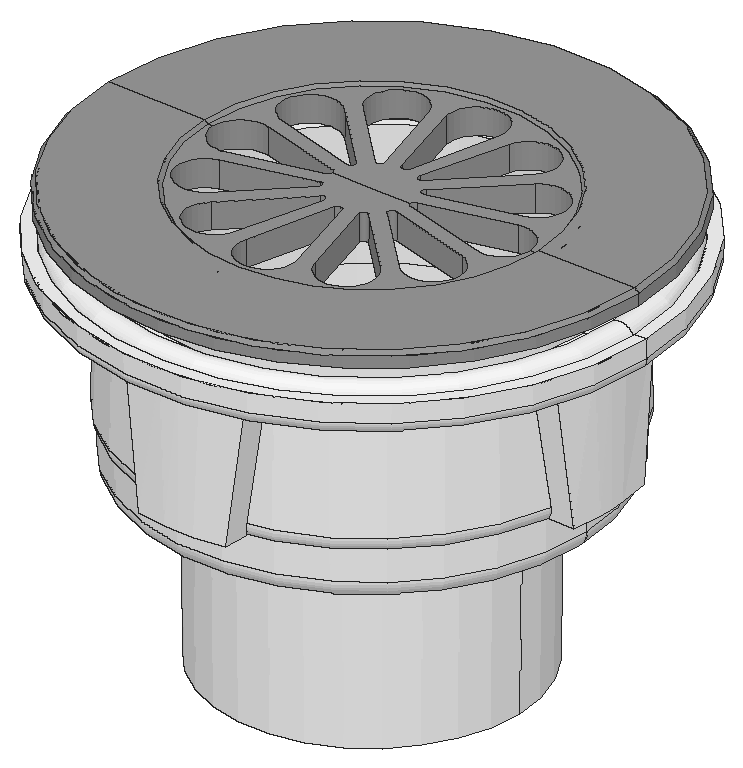
Revit family "0526.03 LRP FC HF BE50", category Plumbing Fixtures, Revit 2016
Family settings
  Part Type = Normal
  Round Connector Dimension = Use Diameter
  OmniClass Number = 23.31.27.00
  OmniClass Title = Floor Drains
  Work Plane-Based = No
  Always vertical = Yes
  Cut with Voids When Loaded = No
  Shared = No
  Room Calculation Point = No
Parameters (values of type "0526.03")
  Waste Connection = yes
  Vent Connection = no
  URL = "www.aquaknight.co.nz"
  Phone = "+6498322214"  # constant formula
  Model = "LRP FC HF BE50 – 0526.03"
  Manufacturer = "Aquanight Industries Ltd"  # constant formula
  HW Connection = no
  Email = "info@aquaknight.co.nz"  # constant formula
  Description = "DWV50 Wastetrap with chrome flat lid"
  CW Connection = no
Reference planes
  plane 1 "Center (Front/Back)": y = 0
  plane 2: z = 0
  plane 3 "Center (Left/Right)": x = 0
  plane 4: x = -12.666
  plane 5: x = -8.658
  plane 6: z = -62.638
Forms (mm)
  Revolve 1, solid, material "Plastic, Glossy White"
    sketch origin (0, 0, 0) x (1, 0, 0) y (0, 0, 1)
      loop
        line (-42.055, -39.828) -> (-42.255, -28.405) -> (-40.35, -28.405) -> (-39.919, -2.405) -> (-41.45, -2.405) -> (-41.45, 6.595) -> (-52.279, 6.595) -> (-52.279, 4.395) -> (-50.75, 3.513) -> (-46.125, 3.095)
        arc (-46.125, 3.095) -> (-44.504, 2.292) -> (-43.85, 0.606) r 2.5
        line (-43.85, 0.606) -> (-43.85, -3.399) -> (-49.924, -3.399)
        arc (-49.924, -3.399) -> (-51.565, 1.366) -> (-53.206, -3.399) r 2.665
        line (-53.206, -3.399) -> (-54.441, -3.399) -> (-54.5, 0) -> (-57, 0) -> (-56.936, -3.693)
        arc (-56.936, -3.693) -> (-56.187, -5.433) -> (-54.434, -6.149) r 2.5
        line (-54.434, -6.149) -> (-45.017, -6.149)
        spline (-45.017, -6.149) -> (-45.069, -8.251) -> (-45.119, -10.355) -> (-45.168, -12.461) -> (-45.216, -14.57) -> (-45.262, -16.68) -> (-45.306, -18.793) -> (-45.349, -20.908) -> (-45.391, -23.025) -> (-45.431, -25.143) -> (-45.469, -27.264) -> (-45.506, -29.386) -> (-45.542, -31.51)
        arc (-45.542, -31.51) -> (-45.324, -32.787) -> (-44.659, -33.899) r 3.52
        line (-44.659, -33.899) -> (-44.55, -40.153)
        arc (-44.55, -40.153) -> (-43.731, -42.479) -> (-41.682, -43.852) r 3.908
        line (-41.682, -43.852) -> (-31, -46.8) -> (-30.6, -78.8) -> (-28.2, -78.8) -> (-27.85, -48.8) -> (-25.5, -48.8)
        arc (-25.5, -48.8) -> (-26.326, -46.353) -> (-28.465, -44.906) r 4.039
        line (-28.465, -44.906) -> (-40.746, -41.517)
        arc (-40.746, -41.517) -> (-41.682, -40.89) -> (-42.055, -39.828) r 1.784
      axis (0, 6.595) -> (0, -78.8)
    angle from 0 to 360
  Revolve 2, solid, material "Steel, Chrome Plated"
    sketch origin (0, 0, 0) x (1, 0, 0) y (0, 0, 1)
      loop
        line (-34, 7.988) -> (-34.6, 8.588) -> (-54.5, 8.588) -> (-55.25, 7.838) -> (-55.25, 5.588) -> (-46.4, 5.588) -> (-36.005, 6.681)
        arc (-36.005, 6.681) -> (-35.231, 6.43) -> (-34.9, 5.687) r 1
        line (-34.9, 5.687) -> (-34.9, 2.713) -> (-5.25, 2.713) -> (-5.25, 5.488) -> (0, 5.488) -> (0, 7.988) -> (-34, 7.988)
      axis (0, 8.588) -> (0, 2.713)
    angle from 0 to 360
  SweptBlend 3, solid, material "Plastic, Glossy White", detail levels fine
    path origin (0, 0, 0) x (1, 0, 0) y (0, 0, 1)
      loop
        line (0, -6.149) -> (0, -33.899)
    profile origin (0, 0, -6.149) x (0, -1, 0) y (1, 0, 0)
      loop
        arc (48.308, -12.6) -> (49.924, 0) -> (48.308, 12.6) r 49.924
        line (48.308, 12.6) -> (43.218, 12.6)
        arc (43.218, 12.6) -> (45.017, 0) -> (43.218, -12.6) r 45.017
        line (43.218, -12.6) -> (48.308, -12.6)
    end profile origin (0, 0, -33.899) x (0, -1, 0) y (1, 0, 0)
      loop
        arc (49.088, -9.1) -> (49.924, 0) -> (49.088, 9.1) r 49.924
        line (49.088, 9.1) -> (44.088, 9.1)
        arc (44.088, 9.1) -> (45.017, 0) -> (44.088, -9.1) r 45.017
        line (44.088, -9.1) -> (49.088, -9.1)
  SweptBlend 4, solid, material "Plastic, Glossy White", detail levels fine
    path origin (0, 0, 0) x (0, -1, 0) y (0, 0, 1)
      loop
        line (0, -6.149) -> (0, -33.899)
    profile origin (0, 0, -6.149) x (-1, 0, 0) y (0, -1, 0)
      loop
        arc (48.308, -12.6) -> (49.924, 0) -> (48.308, 12.6) r 49.924
        line (48.308, 12.6) -> (43.218, 12.6)
        arc (43.218, 12.6) -> (45.017, 0) -> (43.218, -12.6) r 45.017
        line (43.218, -12.6) -> (48.308, -12.6)
    end profile origin (0, 0, -33.899) x (-1, 0, 0) y (0, -1, 0)
      loop
        arc (49.088, -9.1) -> (49.924, 0) -> (49.088, 9.1) r 49.924
        line (49.088, 9.1) -> (44.088, 9.1)
        arc (44.088, 9.1) -> (45.017, 0) -> (44.088, -9.1) r 45.017
        line (44.088, -9.1) -> (49.088, -9.1)
  SweptBlend 5, solid, material "Plastic, Glossy White", detail levels fine
    path origin (0, 0, 0) x (-1, 0, 0) y (0, 0, 1)
      loop
        line (0, -6.149) -> (0, -33.899)
    profile origin (0, 0, -6.149) x (0, 1, 0) y (-1, 0, 0)
      loop
        arc (48.308, -12.6) -> (49.924, 0) -> (48.308, 12.6) r 49.924
        line (48.308, 12.6) -> (43.218, 12.6)
        arc (43.218, 12.6) -> (45.017, 0) -> (43.218, -12.6) r 45.017
        line (43.218, -12.6) -> (48.308, -12.6)
    end profile origin (0, 0, -33.899) x (0, 1, 0) y (-1, 0, 0)
      loop
        arc (49.088, -9.1) -> (49.924, 0) -> (49.088, 9.1) r 49.924
        line (49.088, 9.1) -> (44.088, 9.1)
        arc (44.088, 9.1) -> (45.017, 0) -> (44.088, -9.1) r 45.017
        line (44.088, -9.1) -> (49.088, -9.1)
  SweptBlend 6, solid, material "Plastic, Glossy White", detail levels fine
    path origin (0, 0, 0) x (0, 1, 0) y (0, 0, 1)
      loop
        line (0, -6.149) -> (0, -33.899)
    profile origin (0, 0, -6.149) x (1, 0, 0) y (0, 1, 0)
      loop
        arc (48.308, -12.6) -> (49.924, 0) -> (48.308, 12.6) r 49.924
        line (48.308, 12.6) -> (43.218, 12.6)
        arc (43.218, 12.6) -> (45.017, 0) -> (43.218, -12.6) r 45.017
        line (43.218, -12.6) -> (48.308, -12.6)
    end profile origin (0, 0, -33.899) x (1, 0, 0) y (0, 1, 0)
      loop
        arc (49.088, -9.1) -> (49.924, 0) -> (49.088, 9.1) r 49.924
        line (49.088, 9.1) -> (44.088, 9.1)
        arc (44.088, 9.1) -> (45.017, 0) -> (44.088, -9.1) r 45.017
        line (44.088, -9.1) -> (49.088, -9.1)
  Extrusion 7, void
    sketch origin (0, 0, 4) x (0, 1, 0) y (-1, 0, 0)
      loop
        arc (25.89, -5.396) -> (32.897, 0) -> (25.89, 5.396) r 5.581
        line (25.89, 5.396) -> (8.717, 0.856)
        arc (8.717, 0.856) -> (8.058, 0) -> (8.717, -0.856) r 0.886
        line (8.717, -0.856) -> (25.89, -5.396)
      loop
        arc (25.115, 8.283) -> (28.482, 16.461) -> (19.715, 17.627) r 5.581
        line (19.715, 17.627) -> (7.119, 5.104)
        arc (7.119, 5.104) -> (6.977, 4.032) -> (7.976, 3.621) r 0.886
        line (7.976, 3.621) -> (25.115, 8.283)
      loop
        arc (17.585, 19.753) -> (16.401, 28.518) -> (8.229, 25.133) r 5.581
        line (8.229, 25.133) -> (3.604, 7.984)
        arc (3.604, 7.984) -> (4.017, 6.985) -> (5.088, 7.13) r 0.886
        line (5.088, 7.13) -> (17.585, 19.753)
      loop
        arc (5.341, 25.901) -> (-0.07, 32.897) -> (-5.451, 25.878) r 5.581
        line (-5.451, 25.878) -> (-0.875, 8.715)
        arc (-0.875, 8.715) -> (-0.017, 8.058) -> (0.838, 8.719) r 0.886
        line (0.838, 8.719) -> (5.341, 25.901)
      loop
        line (-25.89, -5.396) -> (-8.717, -0.856)
        arc (-8.717, -0.856) -> (-8.058, 0) -> (-8.717, 0.856) r 0.886
        line (-8.717, 0.856) -> (-25.89, 5.396)
        arc (-25.89, 5.396) -> (-32.897, 0) -> (-25.89, -5.396) r 5.581
      loop
        line (-25.115, 8.283) -> (-7.976, 3.621)
        arc (-7.976, 3.621) -> (-6.977, 4.032) -> (-7.119, 5.104) r 0.886
        line (-7.119, 5.104) -> (-19.715, 17.627)
        arc (-19.715, 17.627) -> (-28.482, 16.461) -> (-25.115, 8.283) r 5.581
      loop
        line (-17.585, 19.753) -> (-5.088, 7.13)
        arc (-5.088, 7.13) -> (-4.017, 6.985) -> (-3.604, 7.984) r 0.886
        line (-3.604, 7.984) -> (-8.229, 25.133)
        arc (-8.229, 25.133) -> (-16.401, 28.518) -> (-17.585, 19.753) r 5.581
      loop
        line (25.115, -8.283) -> (7.976, -3.621)
        arc (7.976, -3.621) -> (6.977, -4.032) -> (7.119, -5.104) r 0.886
        line (7.119, -5.104) -> (19.715, -17.627)
        arc (19.715, -17.627) -> (28.482, -16.461) -> (25.115, -8.283) r 5.581
      loop
        line (17.585, -19.753) -> (5.088, -7.13)
        arc (5.088, -7.13) -> (4.017, -6.985) -> (3.604, -7.984) r 0.886
        line (3.604, -7.984) -> (8.229, -25.133)
        arc (8.229, -25.133) -> (16.401, -28.518) -> (17.585, -19.753) r 5.581
      loop
        line (5.341, -25.901) -> (0.838, -8.719)
        arc (0.838, -8.719) -> (-0.017, -8.058) -> (-0.875, -8.715) r 0.886
        line (-0.875, -8.715) -> (-5.451, -25.878)
        arc (-5.451, -25.878) -> (-0.07, -32.897) -> (5.341, -25.901) r 5.581
      loop
        arc (-25.115, -8.283) -> (-28.482, -16.461) -> (-19.715, -17.627) r 5.581
        line (-19.715, -17.627) -> (-7.119, -5.104)
        arc (-7.119, -5.104) -> (-6.977, -4.032) -> (-7.976, -3.621) r 0.886
        line (-7.976, -3.621) -> (-25.115, -8.283)
      loop
        arc (-17.585, -19.753) -> (-16.401, -28.518) -> (-8.229, -25.133) r 5.581
        line (-8.229, -25.133) -> (-3.604, -7.984)
        arc (-3.604, -7.984) -> (-4.017, -6.985) -> (-5.088, -7.13) r 0.886
        line (-5.088, -7.13) -> (-17.585, -19.753)
    from -7.399 to 18.251
Cuts and joins
  Extrusion 7 cuts Revolve 2
Lines and regions (mm)
  model lines, detail levels fine
    curve 1: circle (0, 0, 7.988) r 5.25 normal (0, 0, 1)
Dimensions and locks
  plane 2 to plane 6 = 62.638 mm
  aligned and locked: level to plane 2
  aligned and locked: Revolve 1 sketch curve to plane 3 "Center (Left/Right)"
  aligned and locked: Revolve 2 sketch curve to plane 3 "Center (Left/Right)"
Connectors
  piping at (0, 0, -62.638), diameter 50
    settings: on plane 6, index 1, connector inside diameter 609.6 mm, connector length 0 mm, flow factor 0, pipe flow 0.0 L/s, pressure drop 0.0 Pa, fitting loss kfactor 0, connector angle 0.00°, fixture units 0, engagement length 0 mm, angle of deflection 0.00°, flow configuration 0, flow direction 0, fitting loss method 0, system type 28, joint type 0, gender type 0, connector reference index -1, connector utility 0, adjustable connector no, is connector primary yes, connector description ""
